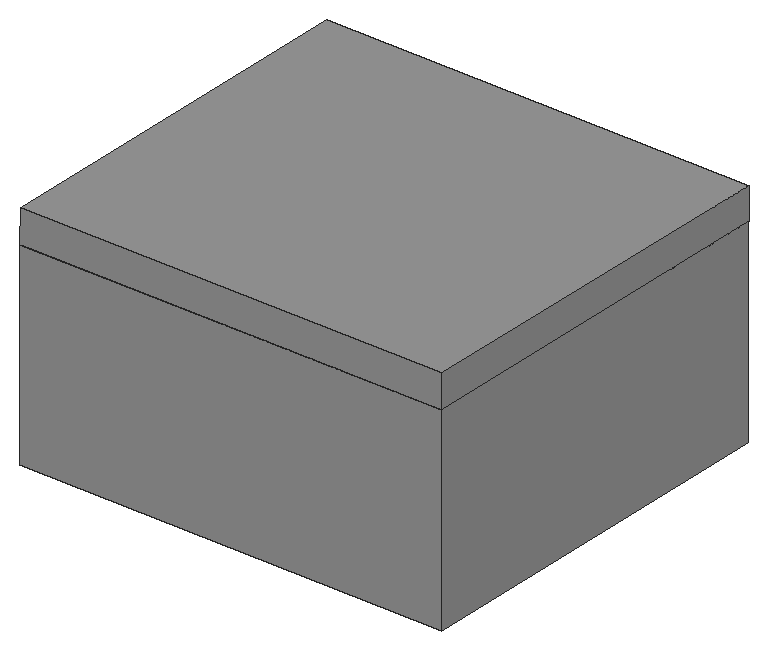
Revit family "aluminiumleergehäuse-Mx 060503SGR", category Generic Models, Revit 2017
Family settings
  Can host rebar = No
  Round Connector Dimension = Use Diameter
  Part Type = Normal
  Work Plane-Based = No
  Always vertical = Yes
  Cut with Voids When Loaded = No
  Shared = No
  Room Calculation Point = No
Parameters (values of type "Mx 060503 SGR")
  URL = "http://www.obo-bettermann.com"
  Material = Aluminiumdruckguss
  Manufacturer Art.No. = "2011304"
  Manufacturer = "OBO BETTERMANN"
  GTIN = "4012196030774"
  Article Type = "Mx 060503 SGR"
Reference planes
  plane 1 "Center (Front/Back)": y = 0
  plane 2: z = 0
  plane 3 "Center (Left/Right)": x = 0
  plane 4: z = 30
Forms (mm)
  Extrusion 1, solid, material "Aluminiumdruckguss" <- "Material"
    sketch origin (0, 0, 0) x (1, 0, 0) y (0, 1, 0)
      loop
        line (0, 0) -> (63.977, 0) -> (63.977, 58.033) -> (0, 58.033) -> (0, 0)
    from 0 to 30
  Extrusion 2, solid, material "Aluminiumdruckguss" <- "Material"
    sketch origin (0, 0, 0) x (1, 0, 0) y (0, 0, 1)
      loop
        line (0, 30) -> (63.977, 30) -> (63.977, 35) -> (0, 35) -> (0, 30)
    from -58.033 to 0
Dimensions and locks
  locked: Extrusion 1 sketch curve to Extrusion 1 sketch curve at 58.033
  locked: Extrusion 1 sketch curve to Extrusion 1 sketch curve at 63.977
  locked: plane 4 to level at 30
  locked: Extrusion 2 sketch curve to Extrusion 1 at 5
  locked: Extrusion 2 sketch curve to Extrusion 2 sketch curve at 63.977
  locked: Extrusion 2 to Extrusion 1 at 35
  locked: Extrusion 2 to Extrusion 2 at 58.033
  locked: Extrusion 2 to Extrusion 2 at 63.977
  aligned and locked: level to plane 2
  aligned and locked: plane 1 "Center (Front/Back)" to Extrusion 1
  aligned and locked: Extrusion 1 to plane 3 "Center (Left/Right)"
  aligned and locked: plane 4 to Extrusion 1
  aligned and locked: plane 3 "Center (Left/Right)" to Extrusion 2 sketch curve
  aligned and locked: Extrusion 1 to Extrusion 2
  aligned and locked: Extrusion 2 to Extrusion 1
